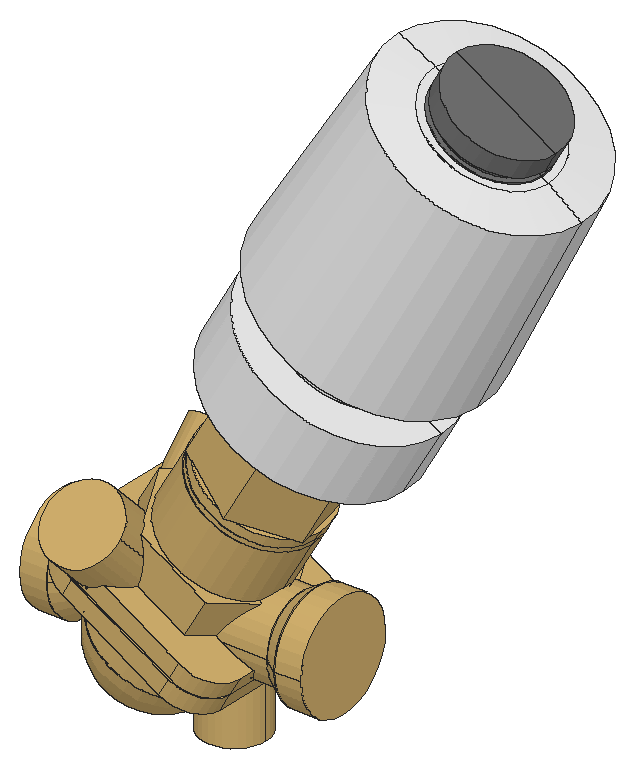
Revit family "AB-PM_DN10-DN32_External_TWA-Q_RFA_1", category Pipe Accessories, Revit 2019
Family settings
  Round Connector Dimension = Use Diameter
  Part Type = Valve - Breaks Into
  OmniClass Number = 23.65.55.14.17
  OmniClass Title = Adjusting/Controlling Valves for Liquid Services
  Work Plane-Based = No
  Always vertical = Yes
  Cut with Voids When Loaded = No
  Shared = No
Parameters (values of type "AB-PM_DN10 HP_External_003Z1411")
  W = 45 mm
  Voltage = if(or(Actuator Type = [082F1600], Actuator Type = [082F1601], Actuator Type = [082F1604], Actuator Type = [082F1606], Actuator Type = [082F1610]), 230 V, 24 V)  # 230 V
  RN2 = 12.7 mm
  Power = 2 VA  # constant formula
  Nominal Pressure = "PN 16"  # constant formula
  Nominal Flow (Text) = "110 l/h"
  Nominal Flow = 0.11 m³/h
  Max Pressure at Zero Load = "35 kPa"
  L = 53 mm
  H_IT = -19.5 mm
  ang2D [instance] = 0.00°
  H_A2 = 20 mm
  L_TP = 11.5 mm
  Weight = 0.31 kg
  Valve Body Material = Danfoss Brass (DZR)
  URL = "https://store.danfoss.com/en/Climate-Solutions-for-heating/Hydronic-Balancing-and-Control/Differential-Pressure-Control/Differential-Pressure-Controllers/AB-PM/c/11379?q=%3Arelevance%3Adanfoss_producttypehierarchydesc%3A13d875d928784f5ca0d2daea9d250a06380cf56d%3Adanfoss_a50461501115_fts%3ATA6_1501121&text="
  H_TP = 25 mm
  TD = R_V1_1 * 2  # 20 mm
  Stroke = "2.25 mm"
  H_Plate__ve = -H_Plate  # -3.5 mm
  H_Plate = 3.5 mm
  R_Arc1 = 7 mm
  R_IT = 6 mm
  R_B4 = 12 mm
  RN1 = 14.4 mm
  R_V1 = 8 mm
  R_TP = 7.2 mm
  Pressure Drop [instance] = 0.0 Pa
  Model Type = "AB-PM_DN10 HP_External"
  Model = "003Z1411"
  Min Medium Temperature = "-10 °C"  # constant formula
  Min Differential Pressure = "28 kPa"
  Max Medium Temperature = "120 °C"  # constant formula
  Max Differential Pressure = "400 kPa"  # constant formula
  Manufacturer = "Danfoss"  # constant formula
  H_A5 = 3 mm
  H_A4 = 2 mm
  L_IT = 3 mm
  LOD 350 = not(LOD 200)  # yes
  LOD 200 = no
  H_N2 = 15.7 mm
  H_N1 = 8 mm
  L1_2 = 21.5 mm
  L1 = 37 mm
  L3 = 3 mm
  L2 = 5 mm
  L_Plate = 35 mm
  IfcExportType = "AB-PM"  # constant formula
  IfcExportAs = "IfcValveType"  # constant formula
  H_A = 12.5 mm
  H_A1 = 9 mm
  H3 = 110 mm
  H2 = 20 mm
  H_A3 = 1 mm
  H = H2 + H3  # 130 mm
  GAP2 = 1 mm
  GAP = 0.5 mm
  Flow [instance] = 0.0 m³/h
  Description = "Automatic Balancing Valve"  # constant formula
  R_B2 = 12 mm
  R_B3 = 12 mm
  R_V1_1 = 10 mm
  DN = 10 mm
  D = DN  # 10 mm
  Connection = "External Thread"  # constant formula
  R_N2 = RN2 * cos(30.00°)  # 10.999 mm
  R_N1 = RN1 * cos(30.00°)  # 12.471 mm
  R_Arc2 = 15 mm
  R_B1 = 12.5 mm
  Actuator Type = TWA-Q_RFA : TWA-Q_230 V_NO_1.2m_082F1601
  A_3 = 10 mm
  A_2 = 12 mm
  A_1 = 14.3 mm
  A = 30.00°
  082F1610 = TWA-Q_RFA : TWA-Q_230 V_NC_2m_082F1610
  082F1606 = TWA-Q_RFA : TWA-Q_230 V_NC_2.5m_082F1606
  082F1604 = TWA-Q_RFA : TWA-Q_230 V_NC_5m_082F1604
  082F1601 = TWA-Q_RFA : TWA-Q_230 V_NO_1.2m_082F1601
  082F1600 = TWA-Q_RFA : TWA-Q_230 V_NC_1.2m_082F1600
Types (10, lengths in mm): name | W | Voltage | RN2 | Nominal Flow (Text) | Nominal Flow | Max Pressure at Zero Load | L | H_IT | H_A2 | L_TP | Weight | H_TP | TD | Stroke | H_Plate__ve | H_Plate | R_Arc1 | R_IT | R_B4 | RN1 | R_V1 | Model Type | Model | Min Differential Pressure | H_A5 | H_A4 | L_IT | H_N2 | H_N1 | L1_2 | L1 | L3 | L2 | L_Plate | H_A | H_A1 | H3 | H2 | H_A3 | H | R_B2 | R_B3 | R_V1_1 | DN | D | R_N2 | R_N1 | R_Arc2 | R_B1 | Actuator Type | A_3 | A_2 | A_1
  AB-PM_DN32 HP_External_003Z1415 | 90 | 230 V | 22 | "2300 l/h" | 2.3 m³/h | "35 kPa" | 130 | -33.5 | 40 | 17 | 2.14 kg | 40 | 48 | "4.50 mm" | -8 | 8 | 7 | 6.5 | 13 | 28 | 22 | "AB-PM_DN32 HP_External" | "003Z1415" | "28 kPa" | 12.5 | 5 | 14 | 3.5 | 20 | 47 | 94 | 5 | 13 | 90 | 23 | 24.5 | 134 | 49 | 4 | 183 | 22 | 24 | 24 | 32 | 32 | 19.053 | 24.249 | 22 | 23.5 | TWA-Q_RFA : TWA-Q_230 V_NO_1.2m_082F1601 | 11 | 24 | 28
  AB-PM_DN25 HP_External_003Z1414 | 71 | 230 V | 18 | "1200 l/h" | 1.2 m³/h | "35 kPa" | 104 | -28 | 31 | 13 | 1.21 kg | 32 | 42 | "4.50 mm" | -6 | 6 | 12 | 6.5 | 12 | 22.4 | 17 | "AB-PM_DN25 HP_External" | "003Z1414" | "28 kPa" | 12 | 3 | 10 | 3.5 | 16 | 37 | 74 | 5 | 10 | 71 | 20 | 20 | 123 | 39.5 | 5 | 162.5 | 17 | 19 | 21 | 25 | 25 | 15.588 | 19.399 | 21 | 20 | TWA-Q_RFA : TWA-Q_230 V_NO_1.2m_082F1601 | 10 | 18 | 22
  AB-PM_DN15 HP_External_003Z1412 | 45 | 24 V | 12.7 | "300 l/h" | 0.3 m³/h | "35 kPa" | 64.9 | -21 | 23.5 | 10 | 0.42 kg | 30 | 26.4 | "2.25 mm" | -4 | 4 | 7 | 6 | 12 | 14.4 | 12 | "AB-PM_DN15 HP_External" | "003Z1412" | "28 kPa" | 3 | 2 | 5 | 15.5 | 12.6 | 25.5 | 46.7 | 2.7 | 6.5 | 45 | 16 | 10 | 114 | 25 | 1 | 139 | 12 | 12 | 13.2 | 15 | 15 | 10.999 | 12.471 | 18 | 16 | TWA-Q_RFA : TWA-Q_24 V_NC_5m_082F1605 | 10 | 12 | 14.3
  AB-PM_DN20 HP_External_003Z1413 | 56 | 230 V | 12.7 | "600 l/h" | 0.6 m³/h | "35 kPa" | 82 | -23.5 | 18 | 13 | 0.63 kg | 32 | 34 | "2.25 mm" | -6 | 6 | 12 | 6 | 12.5 | 18.5 | 13 | "AB-PM_DN20 HP_External" | "003Z1413" | "28 kPa" | 3 | 4.5 | 8 | 15 | 16 | 31 | 60 | 3 | 8 | 56 | 16 | 14.5 | 115.5 | 31 | 5 | 146.5 | 12.5 | 12.5 | 17 | 20 | 20 | 10.999 | 16.021 | 16 | 16 | TWA-Q_RFA : TWA-Q_230 V_NO_1.2m_082F1601 | 9 | 12.5 | 18.5
  AB-PM_DN10 HP_External_003Z1411 | 45 | 230 V | 12.7 | "110 l/h" | 0.11 m³/h | "35 kPa" | 53 | -19.5 | 20 | 11.5 | 0.31 kg | 25 | 20 | "2.25 mm" | -3.5 | 3.5 | 7 | 6 | 12 | 14.4 | 8 | "AB-PM_DN10 HP_External" | "003Z1411" | "28 kPa" | 3 | 2 | 3 | 15.7 | 8 | 21.5 | 37 | 3 | 5 | 35 | 12.5 | 9 | 110 | 20 | 1 | 130 | 12 | 12 | 10 | 10 | 10 | 10.999 | 12.471 | 15 | 12.5 | TWA-Q_RFA : TWA-Q_230 V_NO_1.2m_082F1601 | 10 | 12 | 14.3
  AB-PM_DN15_External_003Z1402 | 45 | 230 V | 12.7 | "300 l/h" | 0.3 m³/h | "22 kPa" | 64.9 | -21 | 23.5 | 10 | 0.42 kg | 30 | 26.4 | "2.25 mm" | -4 | 4 | 7 | 6 | 12 | 14.4 | 12 | "AB-PM_DN15_External" | "003Z1402" | "18 kPa" | 3 | 2 | 5 | 15.5 | 12.6 | 25.5 | 46.7 | 2.7 | 6.5 | 45 | 16 | 10 | 114 | 25 | 1 | 139 | 12 | 12 | 13.2 | 15 | 15 | 10.999 | 12.471 | 18 | 16 | TWA-Q_RFA : TWA-Q_230 V_NO_1.2m_082F1601 | 10 | 12 | 14.3
  AB-PM_DN20_External_003Z1403 | 56 | 230 V | 12.7 | "600 l/h" | 0.6 m³/h | "22 kPa" | 82 | -23.5 | 18 | 13 | 0.63 kg | 32 | 34 | "2.25 mm" | -6 | 6 | 12 | 6 | 12.5 | 18.5 | 13 | "AB-PM_DN20_External" | "003Z1403" | "18 kPa" | 3 | 4.5 | 8 | 15 | 16 | 31 | 60 | 3 | 8 | 56 | 16 | 14.5 | 115.5 | 31 | 5 | 146.5 | 12.5 | 12.5 | 17 | 20 | 20 | 10.999 | 16.021 | 16 | 16 | TWA-Q_RFA : TWA-Q_230 V_NO_1.2m_082F1601 | 9 | 12.5 | 18.5
  AB-PM_DN25_External_003Z1404 | 71 | 230 V | 18 | "1200 l/h" | 1.2 m³/h | "22 kPa" | 104 | -28 | 31 | 13 | 1.21 kg | 32 | 42 | "4.50 mm" | -6 | 6 | 12 | 6.5 | 12 | 22.4 | 17 | "AB-PM_DN25_External" | "003Z1404" | "18 kPa" | 12 | 3 | 10 | 3.5 | 16 | 37 | 74 | 5 | 10 | 71 | 20 | 20 | 123 | 39.5 | 5 | 162.5 | 17 | 19 | 21 | 25 | 25 | 15.588 | 19.399 | 21 | 20 | TWA-Q_RFA : TWA-Q_230 V_NO_1.2m_082F1601 | 10 | 18 | 22
  AB-PM_DN32_External_003Z1405 | 90 | 230 V | 22 | "2300 l/h" | 2.3 m³/h | "22 kPa" | 130 | -33.5 | 40 | 17 | 2.14 kg | 40 | 48 | "4.50 mm" | -8 | 8 | 7 | 6.5 | 13 | 28 | 22 | "AB-PM_DN32_External" | "003Z1405" | "18 kPa" | 12.5 | 5 | 14 | 3.5 | 20 | 47 | 94 | 5 | 13 | 90 | 23 | 24.5 | 134 | 49 | 4 | 183 | 22 | 24 | 24 | 32 | 32 | 19.053 | 24.249 | 22 | 23.5 | TWA-Q_RFA : TWA-Q_230 V_NO_1.2m_082F1601 | 11 | 24 | 28
  AB-PM_DN10_External_003Z1401 | 45 | 230 V | 12.7 | "110 l/h" | 0.11 m³/h | "22 kPa" | 53 | -19.5 | 20 | 11.5 | 0.31 kg | 25 | 20 | "2.25 mm" | -3.5 | 3.5 | 7 | 6 | 12 | 14.4 | 8 | "AB-PM_DN10_External" | "003Z1401" | "18 kPa" | 3 | 2 | 3 | 15.7 | 8 | 21.5 | 37 | 3 | 5 | 35 | 12.5 | 9 | 110 | 20 | 1 | 130 | 12 | 12 | 10 | 10 | 10 | 10.999 | 12.471 | 15 | 12.5 | TWA-Q_RFA : TWA-Q_230 V_NO_1.2m_082F1601 | 10 | 12 | 14.3
Reference planes
  plane 1 "Center (Front/Back)": y = 0
  plane 2 "XYPLANE": z = 0
  plane 3 "Center (Left/Right)": x = 0
  plane 4 "293": x = -11.5
  plane 5 "292": x = -11.5
  plane 6 "249": through (0, 469.519, 591.141) normal (0, -0.7071, 0.7071)
  plane 7 "248": through (0, 490.732, 569.928) normal (0, -0.7071, 0.7071)
  plane 8 "247": through (0, 491.439, 569.221) normal (0, -0.7071, 0.7071)
  plane 9 "246": through (0, 512.652, 548.008) normal (0, -0.7071, 0.7071)
  plane 10 "245": x = 0
  plane 11 "244": through (0, 530.33, -530.33) normal (0, 0.7071, 0.7071)
  plane 12 "243": through (0, 530.33, 530.33) normal (0, -0.7071, 0.7071)
  plane 13 "237": through (369.753, 0, 652.548) normal (0.866, 0, -0.5)
  plane 14 "236": through (0, 591.141, -469.519) normal (0, 0.7071, 0.7071)
  plane 15 "235": through (0, 569.928, -490.732) normal (0, 0.7071, 0.7071)
  plane 16 "234": through (0, 569.221, -491.439) normal (0, 0.7071, 0.7071)
  plane 17 "233": through (0, 548.008, -512.652) normal (0, 0.7071, 0.7071)
  plane 18 "228": through (0, 530.33, -530.33) normal (0, 0.7071, 0.7071)
  plane 19 "227": through (0, -530.33, -530.33) normal (0, 0.7071, -0.7071)
  plane 20 "226": x = 0
  plane 21 "202": through (-626.919, 0, 414.144) normal (0.5, 0, 0.866)
  plane 22 "201": through (-628.419, 0, 411.546) normal (0.5, 0, 0.866)
  plane 23 "200": through (-636.269, 0, 397.95) normal (0.5, 0, 0.866)
  plane 24 "199": through (-637.269, 0, 396.218) normal (0.5, 0, 0.866)
  plane 25 "198": through (-637.769, 0, 395.352) normal (0.5, 0, 0.866)
  plane 26 "197": through (-647.769, 0, 378.031) normal (0.5, 0, 0.866)
  plane 27 "195": through (-662.019, 0, 353.349) normal (0.5, 0, 0.866)
  plane 28 "194": through (-655.769, 0, 364.175) normal (0.5, 0, 0.866)
  plane 29 "193": through (-651.269, 0, 371.969) normal (0.5, 0, 0.866)
  plane 30 "189": through (-649.769, 0, 374.567) normal (0.5, 0, 0.866)
  plane 31 "96": through (-649.519, 0, 375) normal (0.5, 0, 0.866)
  plane 32 "95": y = 0
  plane 33 "93": through (370.619, 0, 652.048) normal (0.866, 0, -0.5)
  plane 34 "40": x = 18.5
  plane 35 "39": x = 15.5
  plane 36 "37": x = -21.5
  plane 37 "24": z = 0
  plane 38 "23": y = 0
  plane 39 "22": x = 0
  plane 40 "242XY": through (0, 530.33, 530.33) normal (0, -0.7071, 0.7071)
  plane 41 "242XZ": through (0, 530.33, -530.33) normal (0, 0.7071, 0.7071)
  plane 42 "242YZ": x = 0
  plane 43 "204XY": through (0, 530.33, -530.33) normal (0, 0.7071, 0.7071)
  plane 44 "204XZ": through (0, -530.33, -530.33) normal (0, 0.7071, -0.7071)
  plane 45 "204YZ": x = 0
  plane 46 "87XY": through (-649.519, 0, 375) normal (0.5, 0, 0.866)
  plane 47 "87XZ": y = 0
  plane 48 "87YZ": through (370.619, 0, 652.048) normal (0.866, 0, -0.5)
  plane 49: through (358.235, -1524, 659.198) normal (0.866, 0, -0.5)
  plane 50: through (361.959, -1524, 657.048) normal (0.866, 0, -0.5)
  plane 51: through (360.227, -1524, 658.048) normal (0.866, 0, -0.5)
  plane 52 "192": through (359.794, -1524, 658.298) normal (0.866, 0, -0.5)
  plane 53: z = -20
  plane 54 "E1": x = -29.5
  plane 55 "E2": x = 23.5
  plane 56 "38": x = -24.5
  plane 57: x = 3
  plane 58 "LN1": through (-643.769, -1524, 384.959) normal (0.5, 0, 0.866)
  plane 59: z = 110
  plane 60: y = -22.5
  plane 61: y = 22.5
Forms (mm)
  Extrusion 1, solid, material "Danfoss Brass (DZR)" <- "Valve Body Material", detail levels fine
    sketch origin (-662.019, 0, 353.349) x (0.866025, 0, -0.5) y (0, 1, 0)
      loop
        circle (744.941, 0) r 1
    from 0 to 2 <- "H_A4"
  Revolve 2, solid, material "Danfoss Brass (DZR)" <- "Valve Body Material", detail levels fine
    sketch origin (-8.083, 0, -12) x (0, 0, 1) y (1, 0, 0)
      loop
        arc (-6.621, -9.664) -> (1.091, -14.091) -> (9.954, -13.373) r 15
        line (9.954, -13.373) -> (4.204, -3.414) -> (-6.621, -9.664)
      axis (-7.121, -8.798) -> (3.704, -2.548)
    angle from 0 to -360
  Extrusion 3, solid, material "Danfoss Brass (DZR)" <- "Valve Body Material", visible <- "LOD 350", detail levels fine
    sketch origin (0, 530.33, 530.33) x (0, -0.707107, -0.707107) y (1, 0, 0)
      loop
        circle (750, -11.5) r 7.2
    from 0 to 25 <- "H_TP"
  Extrusion 4, solid, material "Danfoss Brass (DZR)" <- "Valve Body Material", visible <- "LOD 350", detail levels fine
    sketch origin (0, 530.33, -530.33) x (0, -0.707107, 0.707107) y (1, 0, 0)
      loop
        circle (750, -11.5) r 7.2
    from 0 to 25 <- "H_TP"
  Extrusion 5, solid, material "Danfoss Brass (DZR)" <- "Valve Body Material", detail levels fine
    sketch origin (-651.934, 0, 375.817) x (0.866025, 0, -0.5) y (0, 1, 0)
      loop
        line (757.941, 17.5) -> (736.941, 17.5)
        arc (736.941, 17.5) -> (731.991, 15.45) -> (729.941, 10.5) r 7
        line (729.941, 10.5) -> (729.941, -10.5)
        arc (729.941, -10.5) -> (731.991, -15.45) -> (736.941, -17.5) r 7
        line (736.941, -17.5) -> (757.941, -17.5)
        arc (757.941, -17.5) -> (762.891, -15.45) -> (764.941, -10.5) r 7
        line (764.941, -10.5) -> (764.941, 10.5)
        arc (764.941, 10.5) -> (762.891, 15.45) -> (757.941, 17.5) r 7
    from 0.2 to -3.5 <- "H_Plate__ve"
  Extrusion 6, solid, material "Danfoss Brass (DZR)" <- "Valve Body Material", detail levels fine
    sketch origin (-6.25, 0, -10.825) x (0.866025, 0, -0.5) y (0, 1, 0)
      loop
        circle (-5.059, 0) r 12.5
    from 0 to 9
  Extrusion 7, solid, material "Danfoss Brass (DZR)" <- "Valve Body Material", visible <- "LOD 350", detail levels fine
    sketch origin (-647.769, 0, 378.031) x (0.866025, 0, -0.5) y (0, 1, 0)
      loop
        line (730.541, 0) -> (737.741, -12.471) -> (752.141, -12.471) -> (759.341, 0) -> (752.141, 12.471) -> (737.741, 12.471) -> (730.541, 0)
    from 0 to 8 <- "H_N1"
  Extrusion 8, solid, material "Danfoss Brass (DZR)" <- "Valve Body Material", visible <- "LOD 350", detail levels fine
    sketch origin (5.75, 0, 9.959) x (-0.866025, 0, 0.5) y (0, -1, 0)
      loop
        circle (5.059, 0) r 12
    from 0 to 12
  Extrusion 9, solid, material "Danfoss Brass (DZR)" <- "Valve Body Material", visible <- "LOD 350", detail levels fine
    sketch origin (-637.269, 0, 396.218) x (0.866025, 0, -0.5) y (0, 1, 0)
      loop
        circle (744.941, 0) r 12
    from 0 to 2 <- "H_A4"
  Extrusion 10, solid, material "Danfoss Brass (DZR)" <- "Valve Body Material", visible <- "LOD 350", detail levels fine
    sketch origin (-636.269, 0, 397.95) x (0.866025, 0, -0.5) y (0, 1, 0)
      loop
        line (735.386, -8.365) -> (747.408, -12.458) -> (756.964, -4.093) -> (754.497, 8.365) -> (742.474, 12.458) -> (732.919, 4.093) -> (735.386, -8.365)
    from 0 to 15.7 <- "H_N2"
  Extrusion 11, solid, material "Danfoss Brass (DZR)" <- "Valve Body Material", visible <- "LOD 350", detail levels fine
    sketch origin (-628.66, 0, 411.685) x (0.866025, 0, -0.5) y (0, 1, 0)
      loop
        circle (745.219, 0) r 12
    from 0 to 3 <- "H_A5"
  Extrusion 12, solid, material "Danfoss Brass (DZR)" <- "Valve Body Material", detail levels fine
    sketch origin (-651.684, 0, 376.25) x (0.866025, 0, -0.5) y (0, 1, 0)
      loop
        arc (736.941, 17.5) -> (731.991, 15.45) -> (729.941, 10.5) r 7
        line (729.941, 10.5) -> (729.941, -10.5)
        arc (729.941, -10.5) -> (731.991, -15.45) -> (736.941, -17.5) r 7
        line (736.941, -17.5) -> (757.941, -17.5)
        arc (757.941, -17.5) -> (762.891, -15.45) -> (764.941, -10.5) r 7
        line (764.941, -10.5) -> (764.941, 10.5)
        arc (764.941, 10.5) -> (762.891, 15.45) -> (757.941, 17.5) r 7
        line (757.941, 17.5) -> (736.941, 17.5)
    from 0 to 3.5 <- "H_Plate"
  Blend 13, solid, material "Danfoss Brass (DZR)" <- "Valve Body Material", visible <- "LOD 350", detail levels fine
    base sketch origin (-637.269, 0, 396.218) x (0.866025, 0, -0.5) y (0, 1, 0)
      loop
        circle (744.941, 0) r 12
    top sketch origin (-637.269, 0, 396.218) x (0.866025, 0, -0.5) y (0, 1, 0)
      loop
        circle (744.941, 0) r 12
    from 0 to -1
  Extrusion 14, solid, material "Danfoss Brass (DZR)" <- "Valve Body Material", detail levels fine
    sketch origin (23.5, 0, 0) x (0, 0, -1) y (0, -1, 0)
      loop
        circle (0, 0) r 10
    from 0 to 5
  Blend 15, solid, material "Danfoss Brass (DZR)" <- "Valve Body Material", visible <- "LOD 350", detail levels fine
    base sketch origin (18.5, -750, 0) x (0, 1, 0) y (0, 0, 1)
      loop
        circle (750, 0) r 10
    top sketch origin (18.5, -750, 0) x (0, 1, 0) y (0, 0, 1)
      loop
        circle (750, 0) r 8
    from 0 to -3
  Blend 16, solid, material "Danfoss Brass (DZR)" <- "Valve Body Material", visible <- "LOD 350", detail levels fine
    base sketch origin (-24.5, 0, 0) x (0, 1, 0) y (0, 0, 1)
      loop
        circle (0, 0) r 10
    top sketch origin (-24.5, 0, 0) x (0, 1, 0) y (0, 0, 1)
      loop
        circle (0, 0) r 8
    from 0 to 3
  Extrusion 17, solid, material "Danfoss Brass (DZR)" <- "Valve Body Material", visible <- "LOD 350", detail levels fine
    sketch origin (0, 0, 0) x (0, 1, 0) y (0, 0, 1)
      loop
        circle (0, 0) r 8
    from -21.5 to 15.5
  Revolve 18, solid, material "Danfoss Brass (DZR)" <- "Valve Body Material", visible <- "LOD 200", detail levels fine
    sketch origin (-8.083, 0, -12) x (0, 0, 1) y (1, 0, 0)
      loop
        line (31.639, -2.932) -> (30.489, -0.94) -> (59.674, 15.91) -> (53.674, 26.302) -> (17.56, 5.452) -> (24.71, -6.932) -> (31.639, -2.932)
      axis (53.674, 26.302) -> (17.56, 5.452)
    angle from 0 to 360
  Extrusion 19, solid, material "Danfoss Brass (DZR)" <- "Valve Body Material", detail levels fine
    sketch origin (-29.5, 0, 0) x (0, 0, -1) y (0, -1, 0)
      loop
        circle (0, 0) r 10
    from 0 to -5
  Extrusion 20, solid, material "Danfoss Brass (DZR)" <- "Valve Body Material", detail levels fine
    sketch origin (0, 0, 0) x (1, 0, 0) y (0, 1, 0)
      loop
        circle (3, 0) r 6
    from 0 to -19.5 <- "H_IT"
  Extrusion 21, solid, material "Danfoss Brass (DZR)" <- "Valve Body Material", visible <- "LOD 200", detail levels fine
    sketch origin (-24.5, 0, 0) x (0, 1, 0) y (0, 0, 1)
      loop
        circle (0, 0) r 8
    from 0 to 43
Lines and regions (mm)
  reference lines, not visible
    curve 1: circle (2, 2, 0) r 1 normal (0, 0, 1)
  reference lines
    curve 2: line (-23.85, 0, -0.664) -> (-17.747, 0, -18.621)
    curve 3: line (-11.5, -39.598, 39.598) -> (-9.84, -38.276, 40.92)
    curve 4: line (-11.5, -39.598, 39.598) -> (-12.289, -37.921, 41.275)
    curve 5: line (-11.5, -39.598, 39.598) -> (-13.949, -39.243, 39.953)
    curve 6: line (-11.5, -17.678, 17.678) -> (-9.84, -16.356, 19)
    curve 7: line (-11.5, -17.678, 17.678) -> (-12.289, -16, 19.355)
    curve 8: line (-11.5, -17.678, 17.678) -> (-13.949, -17.322, 18.033)
    curve 9: line (-11.5, 17.678, 17.678) -> (-9.84, 19, 16.356)
    curve 10: line (-11.5, 17.678, 17.678) -> (-12.289, 19.355, 16)
    curve 11: line (-11.5, 17.678, 17.678) -> (-13.949, 18.033, 17.322)
    curve 12: line (-11.5, 39.598, 39.598) -> (-9.84, 40.92, 38.276)
    curve 13: line (-11.5, 39.598, 39.598) -> (-12.289, 41.275, 37.921)
    curve 14: line (-11.5, 39.598, 39.598) -> (-13.949, 39.953, 39.243)
    curve 15: circle (-4.631, 0, 2.096) r 1 normal (-0.5, 0, -0.866)
    curve 16: line (-2.631, 0, 5.56) -> (-0.358, 4.547, 4.248)
    curve 17: line (-2.631, 0, 5.56) -> (1.916, 0, 2.935)
    curve 18: line (-2.631, 0, 5.56) -> (-0.358, -4.547, 4.248)
    curve 19: line (8.869, 0, 25.479) -> (8.112, 4.414, 25.916)
    curve 20: line (8.869, 0, 25.479) -> (11.801, 2.964, 23.786)
    curve 21: line (8.869, 0, 25.479) -> (12.558, -1.45, 23.349)
    curve 22: circle (-4.381, 0, 2.529) r 1 normal (0.5, 0, 0.866)
Dimensions and locks
  plane 1 "Center (Front/Back)" to curve 1 = 2 mm
  "L_TP": plane 20 "226" to plane 4 "293"
  "L_TP": plane 10 "245" to plane 5 "292"
  plane 7 "248" to plane 6 "249" = 30 mm
  "GAP2": plane 8 "247" to plane 7 "248"
  plane 9 "246" to plane 8 "247" = 30 mm
  "H_TP": plane 12 "243" to plane 9 "246"
  locked: plane 39 "22" to plane 10 "245"
  locked: plane 41 "242XZ" to plane 11 "244"
  locked: plane 40 "242XY" to plane 12 "243" at 0
  "GAP2": plane 33 "93" to plane 13 "237"
  plane 15 "235" to plane 14 "236" = 30 mm
  "GAP2": plane 16 "234" to plane 15 "235"
  plane 17 "233" to plane 16 "234" = 30 mm
  "H_TP": plane 18 "228" to plane 17 "233"
  locked: plane 43 "204XY" to plane 18 "228"
  locked: plane 44 "204XZ" to plane 19 "227"
  locked: plane 39 "22" to plane 20 "226"
  "H_N2": plane 23 "200" to plane 22 "201"
  "H_A4": plane 24 "199" to plane 23 "200"
  "H_A3": plane 25 "198" to plane 24 "199"
  "H_A2": plane 26 "197" to plane 25 "198"
  "H_Plate": plane 31 "96" to plane 26 "197"
  "H_A": plane 28 "194" to plane 27 "195"
  "H_A1": plane 29 "193" to plane 28 "194"
  "H_Plate": plane 31 "96" to plane 29 "193"
  "GAP": plane 31 "96" to plane 30 "189"
  locked: plane 46 "87XY" to plane 31 "96" at 0
  locked: plane 38 "23" to plane 32 "95"
  locked: plane 48 "87YZ" to plane 33 "93" at 0
  "L3": plane 35 "39" to plane 34 "40"
  "L1_2": plane 39 "22" to plane 36 "37"
  locked: plane 2 "XYPLANE" to plane 37 "24"
  locked: plane 1 "Center (Front/Back)" to plane 38 "23"
  locked: plane 3 "Center (Left/Right)" to plane 39 "22"
  "L_Plate": Extrusion 5 sketch curve to Extrusion 5 sketch curve  (x2)
  Extrusion 5 sketch curve to curve 15 to Extrusion 5 sketch curve = 17.5 mm, 17.5 mm
  Extrusion 5 sketch curve to Extrusion 5 sketch curve = 9.899 mm  (x8)
  "R_N1": curve 16 to Extrusion 7 sketch curve  (x2)
  "R_N1": curve 17 to Extrusion 7 sketch curve  (x2)
  "R_N1": curve 18 to Extrusion 7 sketch curve  (x2)
  Extrusion 7 sketch curve to Extrusion 7 sketch curve = 0 mm  (x12)
  "R_N2": curve 19 to Extrusion 10 sketch curve  (x2)
  "R_N2": curve 20 to Extrusion 10 sketch curve  (x2)
  "R_N2": curve 21 to Extrusion 10 sketch curve  (x2)
  Extrusion 10 sketch curve to Extrusion 10 sketch curve = 0 mm  (x12)
  "L_Plate": Extrusion 12 sketch curve to Extrusion 12 sketch curve  (x2)
  Extrusion 12 sketch curve to curve 22 to Extrusion 12 sketch curve = 17.5 mm, 17.5 mm
  Extrusion 12 sketch curve to Extrusion 12 sketch curve = 9.899 mm  (x8)
  "L1": plane 36 "37" to plane 35 "39"
  equal spacing: Extrusion 5, plane 47 "87XZ", Extrusion 5
  equal spacing: Extrusion 12, plane 47 "87XZ", Extrusion 12
  equal spacing: Extrusion 5 sketch curve, plane 47 "87XZ", Extrusion 5 sketch curve
  equal spacing: Extrusion 12 sketch curve, plane 47 "87XZ", Extrusion 12 sketch curve
  equal spacing: Extrusion 12 sketch curve, plane 48 "87YZ", Extrusion 12 sketch curve
  equal spacing: Extrusion 5 sketch curve, plane 48 "87YZ", Extrusion 5 sketch curve
  "H_A5": plane 21 "202" to plane 22 "201"
  Extrusion 5 to Extrusion 5 = 35 mm
  "A_1": plane 48 "87YZ" to plane 49
  "A_2": plane 48 "87YZ" to plane 51
  "A_3": plane 48 "87YZ" to plane 50
  "R_B1": plane 48 "87YZ" to plane 52 "192"
  "L": plane 54 "E1" to plane 55 "E2"
  "L_IT": plane 45 "204YZ" to plane 57
  "H_N1": plane 58 "LN1" to plane 26 "197"
  plane 54 "E1" to plane 55 "E2" = 53 mm
  "L2": plane 54 "E1" to plane 56 "38"
  "L2": plane 34 "40" to plane 55 "E2"
  "H": plane 59 to plane 53
  "H3": plane 59 to level
  equal spacing: plane 60, plane 47 "87XZ", plane 61
  "W": plane 60 to plane 61
  "GAP2": radius of Extrusion 1 sketch curve
  "R_TP": radius of Extrusion 3 sketch curve
  "R_TP": radius of Extrusion 4 sketch curve
  "R_B1": radius of Extrusion 6 sketch curve
  "R_B2": radius of Extrusion 8 sketch curve
  "R_B3": radius of Extrusion 9 sketch curve
  "R_B4": radius of Extrusion 11 sketch curve
  "R_B2": radius of Blend 13 sketch curve
  "R_B3": radius of Blend 13 sketch curve
  "R_V1_1": radius of Extrusion 14 sketch curve
  "R_V1": radius of Blend 15 sketch curve
  "R_V1_1": radius of Blend 15 sketch curve
  "R_V1": radius of Blend 16 sketch curve
  "R_V1_1": radius of Blend 16 sketch curve
  "R_V1": radius of Extrusion 17 sketch curve
  "R_Arc1": radius of Extrusion 12 sketch curve  (x4)
  "R_Arc1": radius of Extrusion 5 sketch curve  (x4)
  "R_Arc2": radius of Revolve 2 sketch curve
  "R_V1_1": radius of Extrusion 19 sketch curve
  "R_IT": radius of Extrusion 20 sketch curve
  "R_V1": radius of Extrusion 21 sketch curve
  locked: curve 4 to curve 3 (angle 60.00°)
  locked: curve 5 to curve 4 (angle 60.00°)
  locked: curve 5 to curve 3 (angle 120.00°)
  locked: curve 7 to curve 6 (angle 60.00°)
  locked: curve 8 to curve 7 (angle 60.00°)
  locked: curve 8 to curve 6 (angle 120.00°)
  locked: curve 10 to curve 9 (angle 60.00°)
  locked: curve 11 to curve 10 (angle 60.00°)
  locked: curve 11 to curve 9 (angle 120.00°)
  locked: curve 13 to curve 12 (angle 60.00°)
  locked: curve 14 to curve 13 (angle 60.00°)
  locked: curve 14 to curve 12 (angle 120.00°)
  locked: curve 17 to curve 16 (angle 60.00°)
  locked: curve 18 to curve 17 (angle 60.00°)
  locked: curve 18 to curve 16 (angle 120.00°)
  locked: curve 20 to curve 19 (angle 60.00°)
  locked: curve 21 to curve 20 (angle 60.00°)
  locked: curve 21 to curve 19 (angle 120.00°)
  aligned and locked: level to plane 2 "XYPLANE"
  aligned and locked: plane 32 "95" to Extrusion 1 sketch curve
  aligned and locked: Extrusion 1 sketch curve to plane 33 "93"
  aligned and locked: plane 28 "194" to curve 2
  aligned and locked: plane 13 "237" to curve 2
  aligned and locked: plane 27 "195" to curve 2
  aligned and locked: plane 13 "237" to Revolve 2 sketch curve
  aligned and locked: plane 27 "195" to Revolve 2 sketch curve
  aligned and locked: plane 28 "194" to Revolve 2 sketch curve  (x2)
  aligned and locked: plane 33 "93" to Revolve 2 sketch curve
  aligned and locked: plane 5 "292" to Extrusion 3 sketch curve
  aligned and locked: plane 11 "244" to Extrusion 3 sketch curve
  aligned and locked: plane 5 "292" to curve 4
  aligned and locked: plane 11 "244" to curve 4
  aligned and locked: plane 5 "292" to curve 7
  aligned and locked: plane 11 "244" to curve 8
  aligned and locked: plane 4 "293" to curve 10
  aligned and locked: plane 19 "227" to curve 11
  aligned and locked: plane 4 "293" to curve 13
  aligned and locked: plane 19 "227" to curve 13
  aligned and locked: plane 4 "293" to Extrusion 4 sketch curve
  aligned and locked: plane 19 "227" to Extrusion 4 sketch curve
  aligned and locked: plane 32 "95" to curve 15
  aligned and locked: curve 15 to plane 33 "93"
  aligned and locked: plane 32 "95" to Extrusion 6 sketch curve
  aligned and locked: Extrusion 6 sketch curve to plane 33 "93"
  aligned and locked: curve 16 to plane 33 "93"
  aligned and locked: plane 32 "95" to curve 17
  aligned and locked: plane 32 "95" to Extrusion 8 sketch curve
  aligned and locked: Extrusion 8 sketch curve to plane 33 "93"
  aligned and locked: plane 32 "95" to Extrusion 9 sketch curve
  aligned and locked: Extrusion 9 sketch curve to plane 33 "93"
  aligned and locked: curve 19 to plane 33 "93"
  aligned and locked: plane 32 "95" to curve 20
  aligned and locked: plane 32 "95" to Extrusion 11 sketch curve
  aligned and locked: Extrusion 11 sketch curve to plane 33 "93"
  aligned and locked: plane 32 "95" to curve 22
  aligned and locked: curve 22 to plane 33 "93"
  aligned and locked: plane 32 "95" to Blend 13 sketch curve  (x2)
  aligned and locked: Blend 13 sketch curve to plane 33 "93"  (x2)
  aligned and locked: Blend 13 to plane 25 "198"
  aligned and locked: plane 37 "24" to Extrusion 14 sketch curve
  aligned and locked: Extrusion 14 sketch curve to plane 38 "23"
  aligned and locked: plane 37 "24" to Blend 15 sketch curve  (x2)
  aligned and locked: Blend 15 sketch curve to plane 38 "23"  (x2)
  aligned and locked: Blend 15 to plane 35 "39"
  aligned and locked: plane 37 "24" to Blend 16 sketch curve  (x2)
  aligned and locked: Blend 16 sketch curve to plane 38 "23"  (x2)
  aligned and locked: plane 36 "37" to Blend 16
  aligned and locked: plane 37 "24" to Extrusion 17 sketch curve
  aligned and locked: Extrusion 17 sketch curve to plane 38 "23"
  aligned and locked: plane 49 to Revolve 18 sketch curve
  aligned and locked: Extrusion 7 to Revolve 18 sketch curve
  aligned and locked: plane 26 "197" to Revolve 18 sketch curve
  aligned and locked: plane 51 to Revolve 18 sketch curve
  aligned and locked: plane 21 "202" to Revolve 18 sketch curve
  aligned and locked: plane 52 "192" to Revolve 2 sketch curve
  aligned and locked: Blend 16 to plane 56 "38"
  aligned and locked: level to Extrusion 19 sketch curve
  aligned and locked: plane 1 "Center (Front/Back)" to Extrusion 19 sketch curve
  aligned and locked: Revolve 18 sketch curve to plane 33 "93"
  aligned and locked: plane 48 "87YZ" to Revolve 18 sketch curve
  aligned and locked: Revolve 18 sketch curve to plane 48 "87YZ"
  aligned and locked: plane 57 to Extrusion 20 sketch curve
  aligned and locked: plane 47 "87XZ" to Extrusion 20 sketch curve
  aligned and locked: plane 25 "198" to Extrusion 8
  aligned and locked: plane 29 "193" to Extrusion 6
  aligned and locked: Extrusion 19 to Blend 16
  aligned and locked: Extrusion 14 to plane 34 "40"
  aligned and locked: Extrusion 17 to plane 35 "39"
  aligned and locked: Extrusion 17 to plane 36 "37"
  aligned and locked: plane 47 "87XZ" to Extrusion 21 sketch curve
  aligned and locked: level to Extrusion 21 sketch curve
  aligned and locked: Extrusion 21 to plane 34 "40"
  aligned and locked: plane 48 "87YZ" to nested 1
  aligned and locked: nested 2 to plane 55 "E2"
  aligned and locked: nested 2 to plane 47 "87XZ"
  aligned and locked: nested 1 to plane 21 "202"
  aligned and locked: nested 1 to plane 47 "87XZ"
Automatic sketch dimensions
  plane 11 "244" to curve 5 = 0.503 mm
  plane 11 "244" to curve 8 = 0.503 mm
  curve 11 to plane 12 "243" = 0.503 mm
  curve 14 to plane 12 "243" = 0.503 mm
  plane 13 "237" to curve 19 = 0.126 mm
  plane 3 "Center (Left/Right)" to curve 1 = 2 mm
  curve 10 to plane 4 "293" = 0 mm
  curve 2 to plane 36 "37" = 2.35 mm
  plane 54 "E1" to Revolve 18 sketch curve = 349.881 mm
  Revolve 18 sketch curve to plane 55 "E2" = 347.119 mm
  plane 36 "37" to Revolve 2 sketch curve = 0.939 mm
  radius of curve 15 = 1 mm
  radius of curve 22 = 1 mm
  radius of curve 1 = 1 mm
Nested families
  nested 1: "TWA-Q_RFA" at (18.219, 0, 41.674) x (0.866, 0, -0.5) z (0.5, 0, 0.866), LOD 200 <- "LOD 200", Voltage <- "Voltage", Power <- "Power", type <- "Actuator Type", type "TWA-Q_230 V_NO_1.2m_082F1601", detail levels fine
    with Voltage 230 V, Power 2 VA, LOD 350 yes, LOD 200 no
  nested 2: "Schematic_DPCV_Actuator" at (-3, 0, 0), type "Schematic_DPCV_Actuator", detail levels coarse+medium
Connectors
  piping at (23.5, 0, 0), diameter 10, driven by "D", driven by "Flow"
    settings: on Extrusion 14, index 4, connector inside diameter 609.6 mm, connector length 0 mm, flow factor 0, pipe flow 0.0 m³/h, pressure drop 0.0 Pa, fitting loss kfactor 0, connector angle 0.00°, fixture units 0, engagement length 0 mm, angle of deflection 0.00°, flow configuration 0, flow direction 2, fitting loss method 0, system type 29, joint type 0, gender type 0, connector reference index 5, connector utility 0, adjustable connector no, is connector primary yes, connector description ""
  piping at (-29.5, 0, 0), diameter 10, driven by "Flow", driven by "D"
    settings: on Extrusion 19, index 5, connector inside diameter 609.6 mm, connector length 0 mm, flow factor 0, pipe flow 0.0 m³/h, pressure drop 0.0 Pa, fitting loss kfactor 0, connector angle 0.00°, fixture units 0, engagement length 0 mm, angle of deflection 0.00°, flow configuration 0, flow direction 1, fitting loss method 0, system type 29, joint type 0, gender type 0, connector reference index 4, connector utility 0, adjustable connector no, is connector primary no, connector description ""
  electrical at (0, 0, 0), driven by "Voltage", driven by "Power"
    settings: index 6, voltage 230 V, apparent load 0 VA, apparent load phase1 2 VA, apparent load phase2 0 VA, apparent load phase3 0 VA, power factor 0.95, load classification "HVAC", number of poles 1, system type 31, power factor state 1, is connector primary yes, connector utility no, sub classification motor no, connector description ""
Definition of nested family "TWA-Q_RFA"
  Parameters (values of type "TWA-Q_230 V_NC_1.2m_082F1600")
    Weight = 0.15 kg
    W = Da_2 * 2  # 44 mm
    Voltage [instance] = 230 V
    URL = "https://store.danfoss.com/en/Climate-Solutions-for-heating/Hydronic-Balancing-and-Control/Pressure-independent-balancing-and-control/Actuators/Thermal-actuators/c/7000?q=%3Arelevance%3Adanfoss_producttypehierarchydesc%3A1cc2bbeba637399f5c2425cac9114b6c15ac6185&text="
    Power [instance] = 2 VA
    Model Type = "TWA-Q_230 V_NC_1.2m"
    Model = "082F1600"
    Min Ambient Temperature = "2 °C"  # constant formula
    Max Medium Temperature = "95 °C"  # constant formula
    Max Ambient Temperature = "60 °C"  # constant formula
    Manufacturer = "Danfoss"  # constant formula
    LOD 350 [instance] = not(LOD 200)  # yes
    LOD 200 [instance] = no
    L = Da_2 * 2  # 44 mm
    IfcExportType = "TWA-Q"  # constant formula
    IfcExportAs = "IfcActuatorType"  # constant formula
    Hb = 23.6 mm  # constant formula
    Ha = 60 mm  # constant formula
    H = 74 mm
    Function = "NC"
    Full Stroke Time = "< 3 mins"  # constant formula
    Description = "Thermal Actuator"  # constant formula
    Da_2 = 22 mm  # constant formula
    D_2 = 19.5 mm  # constant formula
    Control Input Signal = "On/Off and PWM"  # constant formula
    Closing Force = "100-120 N"  # constant formula
    Cable Material = "PVC"
    Cable Length = 1200 mm
    Body Material = none
    Actuator Travel Distance = "5 mm"  # constant formula
  Types (10, lengths in mm): name | Weight | Voltage | Model Type | Model | H | Function | Cable Material | Cable Length
    TWA-Q_230 V_NC_1.2m_082F1600 | 0.15 kg | 230 V | "TWA-Q_230 V_NC_1.2m" | "082F1600" | 74 | "NC" | "PVC" | 1200
    TWA-Q_230 V_NO_1.2m_082F1601 | 0.15 kg | 230 V | "TWA-Q_230 V_NO_1.2m" | "082F1601" | 72.5 | "NO" | "PVC" | 1200
    TWA-Q_24 V_NC_1.2m_082F1602 | 0.15 kg | 24 V | "TWA-Q_24 V_NC_1.2m" | "082F1602" | 74 | "NC" | "PVC" | 1200
    TWA-Q_24 V_NO_1.2m_082F1603 | 0.15 kg | 24 V | "TWA-Q_24 V_NO_1.2m" | "082F1603" | 72.5 | "NO" | "PVC" | 1200
    TWA-Q_230 V_NC_5m_082F1604 | 0.375 kg | 230 V | "TWA-Q_230 V_NC_5m" | "082F1604" | 74 | "NC" | "PVC" | 5000
    TWA-Q_24 V_NC_5m_082F1605 | 0.375 kg | 24 V | "TWA-Q_24 V_NC_5m" | "082F1605" | 74 | "NC" | "PVC" | 5000
    TWA-Q_230 V_NC_2m_082F1610 | 0.15 kg | 230 V | "TWA-Q_230 V_NC_2m" | "082F1610" | 74 | "NC" | "Halogen free" | 2000
    TWA-Q_24 V_NC_2m_082F1611 | 0.15 kg | 24 V | "TWA-Q_24 V_NC_2m" | "082F1611" | 74 | "NC" | "Halogen free" | 2000
    TWA-Q_230 V_NC_2.5m_082F1606 | 2.333 kg | 230 V | "TWA-Q_230 V_NC_2.5m" | "082F1606" | 74 | "NC" | "Halogen free" | 2500
    TWA-Q_24 V_NC_2.5m_082F1607 | 2.333 kg | 24 V | "TWA-Q_24 V_NC_2.5m" | "082F1607" | 74 | "NC" | "Halogen free" | 2500
  Reference planes
    plane 1 "Center (Front/Back)": y = 0
    plane 2: z = 0
    plane 3 "Center (Left/Right)": x = 0
    plane 4: z = 14
    plane 5: z = 74
    plane 6: y = -22
    plane 7: y = 22
    plane 8: z = 23.6
    plane 9: x = -22
    plane 10: x = 22
    plane 11: x = -20
    plane 12: x = 21
    plane 13: x = -19.5
    plane 14: x = 19.5
    plane 15: x = -10.8
    plane 16: x = -12.7
    plane 17: z = 67
  Forms (mm)
    Revolve 1, solid, material <- "Body Material", visible <- "LOD 350", detail levels fine
      sketch origin (0, 0, 0) x (1, 0, 0) y (0, 0, 1)
        loop
          line (-12.284, 67) -> (-20, 66.288) -> (-22, 23.6) -> (-11.6, 23.6) -> (-11.6, 22.134) -> (-12.689, 14) -> (-19.5, 14) -> (-19.5, 0) -> (0, 0) -> (0, 67) -> (-12.284, 67)
        axis (0, 67) -> (0, 0)
      angle from 0 to 360
    Revolve 2, solid, visible <- "LOD 350", detail levels fine
      sketch origin (0, 0, 0) x (1, 0, 0) y (0, 0, 1)
        loop
          line (0, 74) -> (-10.8, 74) -> (-10.8, 70) -> (-9.759, 70) -> (-9.759, 68.63) -> (-10.8, 68.63) -> (-10.8, 64.63) -> (0, 64.63) -> (0, 74)
        axis (0, 74) -> (0, 64.63)
      angle from 0 to 360
    Revolve 3, solid, material <- "Body Material", visible <- "LOD 200", detail levels fine
      sketch origin (0, 0, 0) x (1, 0, 0) y (0, 0, 1)
        loop
          line (0, 67) -> (-22, 67) -> (-22, 23.6) -> (-12.7, 23.6) -> (-12.7, 14) -> (-22, 14) -> (-22, 0) -> (0, 0) -> (0, 67)
        axis (0, 67) -> (0, 0)
      angle from 0 to 360
    Extrusion 4, solid, visible <- "LOD 200", detail levels fine
      sketch origin (0, 0, 0) x (1, 0, 0) y (0, 1, 0)
        loop
          circle (0, 0) r 10.8
      from 67 to 74
  Dimensions and locks
    "H": plane 5 to level
    "Ha": plane 5 to plane 4
    "Da_2": plane 7 to plane 1 "Center (Front/Back)" to plane 6
    "Da_2": plane 9 to plane 3 "Center (Left/Right)" to plane 10
    "D_2": plane 13 to plane 3 "Center (Left/Right)"
    "Hb": plane 8 to level
    Revolve 1 sketch curve to Revolve 1 sketch curve = 14 mm
    Revolve 1 sketch curve to Revolve 1 sketch curve = 9.6 mm
    plane 3 "Center (Left/Right)" to Revolve 1 sketch curve = 12.284 mm
    plane 11 to plane 3 "Center (Left/Right)" = 20 mm
    plane 3 "Center (Left/Right)" to Revolve 1 sketch curve = 12.689 mm
    Revolve 1 sketch curve to plane 3 "Center (Left/Right)" = 11.6 mm
    locked: Revolve 2 sketch curve to Revolve 2 sketch curve at 4  (x2)
    locked: plane 5 to Revolve 2 sketch curve at 9.37
    locked: plane 3 "Center (Left/Right)" to plane 16 at 12.7
    locked: plane 3 "Center (Left/Right)" to plane 15 at 10.8
    locked: plane 17 to plane 8 at 43.4
    radius of Extrusion 4 sketch curve = 10.8 mm
    aligned and locked: level to plane 2
    aligned and locked: Revolve 2 sketch curve to plane 15  (x2)
    aligned and locked: plane 17 to Revolve 1 sketch curve
    aligned and locked: Revolve 3 sketch curve to plane 3 "Center (Left/Right)"
    aligned and locked: Revolve 3 sketch curve to plane 17
    aligned and locked: Revolve 3 sketch curve to plane 9  (x2)
    aligned and locked: Revolve 3 sketch curve to Revolve 1
    aligned and locked: Revolve 3 sketch curve to plane 16
    aligned and locked: Revolve 3 sketch curve to plane 4
    aligned and locked: Revolve 3 sketch curve to level
    aligned and locked: Revolve 3 sketch curve to Revolve 3 sketch curve  (x2)
    aligned and locked: plane 5 to Extrusion 4
    aligned and locked: Extrusion 4 to plane 17
  Automatic sketch dimensions
    Revolve 2 sketch curve to plane 5 = 0 mm  (x2)
    Revolve 2 sketch curve to plane 3 "Center (Left/Right)" = 0 mm  (x2)
    Revolve 2 sketch curve to Revolve 2 sketch curve = 0 mm
    plane 15 to Revolve 2 sketch curve = 1.041 mm
    Revolve 3 sketch curve to level = 0 mm
    plane 1 "Center (Front/Back)" to Extrusion 4 sketch curve = 0 mm
    Extrusion 4 sketch curve to plane 3 "Center (Left/Right)" = 0 mm
    Revolve 1 sketch curve to plane 8 = 0 mm
    plane 9 to Revolve 1 sketch curve = 0 mm
    plane 11 to Revolve 1 sketch curve = 0 mm
    plane 13 to Revolve 1 sketch curve = 0 mm
    Revolve 1 sketch curve to plane 3 "Center (Left/Right)" = 0 mm  (x2)
    Revolve 1 sketch curve to level = 0 mm
    Revolve 1 sketch curve to plane 5 = 0 mm
    Revolve 1 sketch curve to Revolve 1 sketch curve = 1.466 mm
    Revolve 1 sketch curve to plane 17 = 0.712 mm
Definition of nested family "Schematic_DPCV_Actuator"
  Parameters (values of type "Schematic_DPCV_Actuator")
    L_1 = 2 / 5 * L  # 21.2 mm
    L1 = L / 10  # 5.3 mm
    L = 53 mm
    H4 = D / 3  # 6.667 mm
    H2 = L / 2  # 26.5 mm
    H1 = 53 mm
    D = 20 mm
  Reference planes
    plane 1 "Center (Front/Back)": y = 0
    plane 2: z = 0
    plane 3 "Center (Left/Right)": x = 0
    plane 4: x = 10.6
    plane 5: x = -10.6
    plane 6: z = 10
    plane 7: z = -10
    plane 8: z = 53
    plane 9: y = 10
    plane 10: y = -10
    plane 11: y = 53
    plane 12: y = -26.5
    plane 13: z = -26.5
    plane 14: z = -19.833
    plane 15: y = -19.833
    plane 16: z = -13.167
    plane 17: y = -13.167
    plane 18: z = 31.8
    plane 19: y = 31.8
    plane 20: x = -26.5
    plane 21: x = 26.5
    plane 22: x = 31.8
  Lines and regions (mm)
    model lines
      curve 1: line (0, 0, 31.8) -> (0, 0, -13.167)
      curve 2: spline (-10.6, 0, -19.833) -> (-10.239, 0, -21.559) -> (-9.18, 0, -23.167) -> (-7.495, 0, -24.547) -> (-5.3, 0, -25.607) -> (-2.743, 0, -26.273) -> (0, 0, -26.5) -> (2.743, 0, -26.273) -> (5.3, 0, -25.607) -> (7.495, 0, -24.547) -> (9.18, 0, -23.167) -> (10.239, 0, -21.559) -> (10.6, 0, -19.833) -> (10.239, 0, -18.108) -> (9.18, 0, -16.5) -> (7.495, 0, -15.119) -> (5.3, 0, -14.06) -> (2.743, 0, -13.394) -> (0, 0, -13.167) -> (-2.743, 0, -13.394) -> (-5.3, 0, -14.06) -> (-7.495, 0, -15.119) -> (-9.18, 0, -16.5) -> (-10.239, 0, -18.108) -> (-10.6, 0, -19.833)
      curve 3: line (-10.6, 0, -19.833) -> (31.8, 0, -19.833)
      curve 4: line (-10.6, 0, 53) -> (10.6, 0, 53)
      curve 5: line (-10.6, 0, 53) -> (-10.6, 0, 31.8)
      curve 6: line (-10.6, 0, 31.8) -> (10.6, 0, 31.8)
      curve 7: line (10.6, 0, 31.8) -> (10.6, 0, 53)
      curve 15: line (31.8, 0, -19.833) -> (31.8, 0, -13.167)
      curve 17: line (0, 0, 0) -> (26.5, 0, 10)
      curve 18: line (26.5, 0, 10) -> (26.5, 0, -10)
      curve 19: line (26.5, 0, -10) -> (0, 0, 0)
      curve 20: line (0, 0, 0) -> (-26.5, 0, 10)
      curve 21: line (-26.5, 0, 10) -> (-26.5, 0, -10)
      curve 22: line (-26.5, 0, -10) -> (0, 0, 0)
    symbolic lines
      curve 8: line (0, 31.8, 0) -> (0, -13.167, 0)
      curve 9: spline (-10.6, -19.833, 0) -> (-10.239, -21.559, 0) -> (-9.18, -23.167, 0) -> (-7.495, -24.547, 0) -> (-5.3, -25.607, 0) -> (-2.743, -26.273, 0) -> (0, -26.5, 0) -> (2.743, -26.273, 0) -> (5.3, -25.607, 0) -> (7.495, -24.547, 0) -> (9.18, -23.167, 0) -> (10.239, -21.559, 0) -> (10.6, -19.833, 0) -> (10.239, -18.108, 0) -> (9.18, -16.5, 0) -> (7.495, -15.119, 0) -> (5.3, -14.06, 0) -> (2.743, -13.394, 0) -> (0, -13.167, 0) -> (-2.743, -13.394, 0) -> (-5.3, -14.06, 0) -> (-7.495, -15.119, 0) -> (-9.18, -16.5, 0) -> (-10.239, -18.108, 0) -> (-10.6, -19.833, 0)
      curve 10: line (31.8, -19.833, 0) -> (-10.6, -19.833, 0)
      curve 11: line (10.6, 53, 0) -> (-10.6, 53, 0)
      curve 12: line (-10.6, 53, 0) -> (-10.6, 31.8, 0)
      curve 13: line (-10.6, 31.8, 0) -> (10.6, 31.8, 0)
      curve 14: line (10.6, 31.8, 0) -> (10.6, 53, 0)
      curve 16: line (31.8, -19.833, 0) -> (31.8, -13.167, 0)
      curve 23: line (0, 0, 0) -> (-26.5, 10, 0)
      curve 24: line (-26.5, 10, 0) -> (-26.5, -10, 0)
      curve 25: line (-26.5, -10, 0) -> (0, 0, 0)
      curve 26: line (0, 0, 0) -> (26.5, 10, 0)
      curve 27: line (26.5, 10, 0) -> (26.5, -10, 0)
      curve 28: line (26.5, -10, 0) -> (0, 0, 0)
  Dimensions and locks
    equal spacing: plane 4, plane 3 "Center (Left/Right)", plane 5
    "D": plane 6 to plane 7
    equal spacing: plane 6, level, plane 7
    "D": plane 10 to plane 9
    equal spacing: plane 10, plane 1 "Center (Front/Back)", plane 9
    "H1": plane 1 "Center (Front/Back)" to plane 11
    "H2": plane 12 to plane 1 "Center (Front/Back)"
    "H1": plane 8 to level
    "H2": level to plane 13
    "H4": plane 14 to plane 13
    "H4": plane 12 to plane 15
    equal spacing: plane 12, plane 15, plane 17
    "L_1": plane 4 to plane 5
    "L_1": plane 8 to plane 18
    "L_1": plane 19 to plane 11
    equal spacing: plane 16, plane 14, plane 13
    "L": plane 21 to plane 20
    "L1": plane 22 to plane 21
    equal spacing: plane 21, plane 3 "Center (Left/Right)", plane 20
    aligned and locked: level to plane 2
    aligned and locked: plane 16 to curve 2
    aligned and locked: plane 13 to curve 2
    aligned and locked: plane 4 to curve 2
    aligned and locked: plane 5 to curve 2
    aligned and locked: plane 5 to curve 4
    aligned and locked: plane 4 to curve 4
    aligned and locked: plane 15 to curve 9
    aligned and locked: plane 3 "Center (Left/Right)" to curve 9
    aligned and locked: plane 17 to curve 9
    aligned and locked: plane 16 to curve 15
    aligned and locked: plane 17 to curve 16
    aligned and locked: plane 22 to curve 16
    aligned and locked: plane 22 to curve 15
    aligned and locked: curve 21 to plane 20
    aligned and locked: curve 18 to plane 21
  Automatic sketch dimensions
    curve 21 to plane 6 = 0 mm
    curve 22 to plane 7 = 0 mm
    curve 1 to plane 3 "Center (Left/Right)" = 0 mm
    curve 22 to level = 0 mm
    curve 17 to plane 6 = 0 mm
    curve 3 to plane 14 = 0 mm
    curve 18 to plane 7 = 0 mm
    curve 17 to level = 0 mm
    curve 20 to level = 0 mm
    curve 6 to plane 18 = 0 mm
    curve 4 to plane 8 = 0 mm
    plane 9 to curve 24 = 0 mm
    curve 9 to plane 5 = 0 mm
    curve 13 to plane 5 = 0 mm
    plane 1 "Center (Front/Back)" to curve 26 = 0 mm
    curve 14 to plane 4 = 0 mm
    plane 15 to curve 10 = 0 mm
    plane 19 to curve 13 = 0 mm
    plane 11 to curve 11 = 0 mm
    plane 1 "Center (Front/Back)" to curve 23 = 0 mm
    plane 10 to curve 24 = 0 mm
    plane 9 to curve 27 = 0 mm
    curve 28 to plane 3 "Center (Left/Right)" = 0 mm
    plane 10 to curve 28 = 0 mm
    curve 24 to plane 20 = 0 mm
    curve 28 to plane 21 = 0 mm
